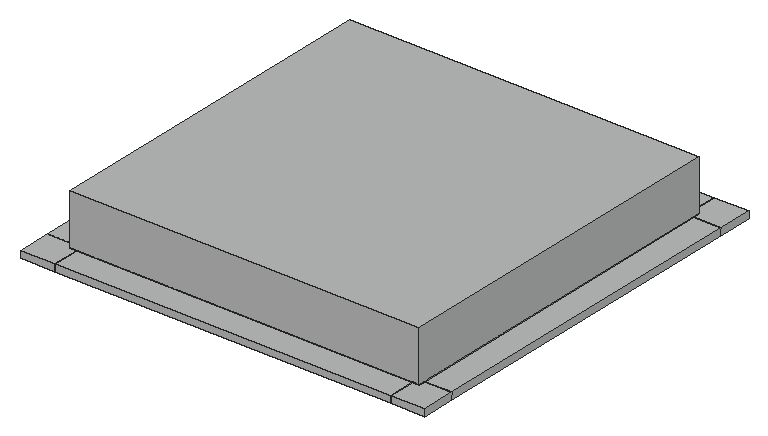
Revit family "ALUMOGIPS", category Осветительные приборы, Revit 2019 (continued)
Types (72, lengths in mm): name | Файл фотометрической сетки | built-in parameter 1150105 | Lumens | built-in parameter 1150106 | built-in parameter 1150142 | Wattage | Emit from Rectangle Width | Emit from Rectangle Length | Длина | Материал светильника | Ширина | ADSK_Ток | ADSK_Полная мощность | ADSK_Обозначение | ADSK_Номинальная мощность | ADSK_Наименование | ADSK_Масса | ADSK_Код изделия
  Alumogips-76/opal-sand 160х2305 (IP54, 4000К, белый) | "Светильник ALUMOGIPS-76 OPAL-SAND-(160x2300).IES" | 572.96 (stored number, unit not read) | 7200 lm | 5.7296 (stored number, unit not read) | "IESNA:LM-63-95\r\n[TEST] Протокол № 50-5\r\n[DATA]21.06.2016\r\n[MORE] \r\n[MANUFAC] ЗАО \"Центрстройсвет\"\r\n[LUMCAT]  Светильник ALUMOGIPS-76/OPAL-SAND-(160x2300)\r\n[LUMINAIRE]\r\n[LAMPCAT] Светодиоды\r\n[LAMP] Поток источника света (светодиодов) не известен\r\n[MORE] КСС приведена в абсолютных величинах кд\r\n[MORE] Вместо потока лампы, указан поток светильника.\r\nTILT=NONE\r\n1    7200 1.0 37 73 1 2 0.160 2.3 0.04\r\n1.0 1.0 76.6\r\n0.0 5.0 10.0 15.0 20.0 25.0 30.0 35.0 40.0 45.0 50.0 55.0 60.0 65.0 70.0 75.0 80.0 85.0 90.0 95.0 100.0 105.0 110.0 115.0 120.0 125.0 130.0 135.0 140.0 145.0 150.0 155.0 160.0 165.0 170.0 175.0 180.0\r\n0.0 5.0 10.0 15.0 20.0 25.0 30.0 35.0 40.0 45.0 50.0 55.0 60.0 65.0 70.0 75.0 80.0 85.0 90.0 95.0 100.0 105.0 110.0 115.0 120.0 125.0 130.0 135.0 140.0 145.0 150.0 155.0 160.0 165.0 170.0 175.0 180.0 185.0 190.0 195.0 200.0 205.0 210.0 215.0 220.0 225.0 230.0 235.0 240.0 245.0 250.0 255.0 260.0 265.0 270.0 275.0 280.0 285.0 290.0 295.0 300.0 305.0 310.0 315.0 320.0 325.0 330.0 335.0 340.0 345.0 350.0 355.0 360.0\r\n3405.6 3374.0 3369.6 3263.0 3188.3 3029.4 2777.5 2366.1 1845.1 1399.4 1065.5 805.3 609.9 450.2 323.1 240.5 163.0 73.4 7.8 0.0 0.0 0.0 0.0 0.0 0.0 0.0 0.0 0.0 0.0 0.0 0.0 0.0 0.0 0.0 0.0 0.0 0.0\r\n3405.6 3374.4 3379.9 3270.2 3198.2 3029.5 2790.9 2373.8 1854.9 1408.8 1072.8 809.5 619.4 453.6 327.0 242.6 164.9 74.0 8.4 0.0 0.0 0.0 0.0 0.0 0.0 0.0 0.0 0.0 0.0 0.0 0.0 0.0 0.0 0.0 0.0 0.0 0.0\r\n3405.6 3375.2 3384.5 3272.8 3199.0 3042.1 2776.0 2384.3 1886.5 1440.1 1094.4 832.2 628.9 457.0 331.8 247.4 169.1 74.3 8.8 0.0 0.0 0.0 0.0 0.0 0.0 0.0 0.0 0.0 0.0 0.0 0.0 0.0 0.0 0.0 0.0 0.0 0.0\r\n3405.6 3375.0 3385.9 3275.2 3180.8 3049.6 2793.5 2392.3 1915.8 1470.0 1127.9 857.8 642.3 462.7 335.0 254.7 174.5 74.9 9.2 0.0 0.0 0.0 0.0 0.0 0.0 0.0 0.0 0.0 0.0 0.0 0.0 0.0 0.0 0.0 0.0 0.0 0.0\r\n3405.6 3374.4 3376.0 3292.1 3177.6 3057.0 2812.9 2421.6 1960.5 1511.4 1168.9 901.6 665.7 470.6 339.0 258.2 176.2 78.1 9.6 0.0 0.0 0.0 0.0 0.0 0.0 0.0 0.0 0.0 0.0 0.0 0.0 0.0 0.0 0.0 0.0 0.0 0.0\r\n3405.6 3373.8 3358.9 3308.4 3174.1 3065.8 2824.7 2463.6 1997.6 1559.8 1217.5 938.4 690.8 482.6 342.3 252.9 177.1 79.1 10.0 0.0 0.0 0.0 0.0 0.0 0.0 0.0 0.0 0.0 0.0 0.0 0.0 0.0 0.0 0.0 0.0 0.0 0.0\r\n3405.6 3373.0 3345.2 3319.4 3197.2 3056.4 2836.9 2491.8 2046.7 1623.7 1269.0 987.0 723.9 501.1 345.5 251.9 178.8 81.4 10.7 0.0 0.0 0.0 0.0 0.0 0.0 0.0 0.0 0.0 0.0 0.0 0.0 0.0 0.0 0.0 0.0 0.0 0.0\r\n3405.6 3372.8 3343.6 3313.9 3208.1 3060.1 2841.4 2505.7 2088.6 1684.6 1324.2 1035.9 758.8 529.1 355.0 255.6 175.0 83.9 10.4 0.0 0.0 0.0 0.0 0.0 0.0 0.0 0.0 0.0 0.0 0.0 0.0 0.0 0.0 0.0 0.0 0.0 0.0\r\n3405.6 3375.3 3339.6 3304.4 3206.2 3085.6 2869.6 2552.3 2131.6 1731.3 1375.7 1080.9 800.2 556.1 372.5 257.7 168.0 87.1 10.7 0.0 0.0 0.0 0.0 0.0 0.0 0.0 0.0 0.0 0.0 0.0 0.0 0.0 0.0 0.0 0.0 0.0 0.0\r\n3405.6 3379.9 3338.3 3292.8 3199.2 3098.4 2883.0 2571.7 2179.2 1786.3 1435.5 1124.5 850.7 583.1 389.7 258.5 168.5 87.0 10.9 0.0 0.0 0.0 0.0 0.0 0.0 0.0 0.0 0.0 0.0 0.0 0.0 0.0 0.0 0.0 0.0 0.0 0.0\r\n3405.6 3384.6 3346.1 3286.5 3185.6 3081.2 2891.4 2590.2 2203.4 1830.5 1478.0 1169.5 878.2 609.2 406.7 266.0 166.9 86.8 10.1 0.0 0.0 0.0 0.0 0.0 0.0 0.0 0.0 0.0 0.0 0.0 0.0 0.0 0.0 0.0 0.0 0.0 0.0\r\n3405.6 3389.3 3362.5 3302.2 3211.6 3103.8 2908.8 2612.3 2251.7 1865.5 1519.4 1209.0 904.8 631.5 424.9 275.5 172.1 88.7 9.7 0.0 0.0 0.0 0.0 0.0 0.0 0.0 0.0 0.0 0.0 0.0 0.0 0.0 0.0 0.0 0.0 0.0 0.0\r\n3405.6 3394.3 3376.4 3293.5 3225.1 3102.4 2926.3 2644.9 2263.0 1896.0 1540.0 1225.2 919.2 646.4 442.6 292.2 179.1 88.4 9.9 0.0 0.0 0.0 0.0 0.0 0.0 0.0 0.0 0.0 0.0 0.0 0.0 0.0 0.0 0.0 0.0 0.0 0.0\r\n3405.6 3398.8 3384.9 3300.0 3226.2 3100.8 2928.0 2664.6 2289.0 1909.4 1550.4 1212.0 922.9 675.4 458.3 310.1 194.1 88.9 11.3 0.0 0.0 0.0 0.0 0.0 0.0 0.0 0.0 0.0 0.0 0.0 0.0 0.0 0.0 0.0 0.0 0.0 0.0\r\n3405.6 3403.8 3394.9 3300.1 3225.5 3082.0 2938.5 2679.7 2327.5 1917.2 1530.2 1177.9 905.7 682.8 470.6 323.4 215.2 95.6 9.9 0.0 0.0 0.0 0.0 0.0 0.0 0.0 0.0 0.0 0.0 0.0 0.0 0.0 0.0 0.0 0.0 0.0 0.0\r\n3405.6 3408.6 3386.4 3281.5 3213.7 3107.8 2945.4 2709.1 2357.5 1918.9 1499.2 1156.9 877.4 666.2 480.4 331.1 218.7 104.4 9.1 0.0 0.0 0.0 0.0 0.0 0.0 0.0 0.0 0.0 0.0 0.0 0.0 0.0 0.0 0.0 0.0 0.0 0.0\r\n3405.6 3410.6 3376.7 3285.0 3209.0 3098.5 2954.5 2719.8 2377.6 1921.2 1487.0 1128.4 854.9 640.0 464.7 329.7 219.2 105.6 11.0 0.0 0.0 0.0 0.0 0.0 0.0 0.0 0.0 0.0 0.0 0.0 0.0 0.0 0.0 0.0 0.0 0.0 0.0\r\n3405.6 3408.1 3366.0 3292.6 3209.8 3093.5 2949.2 2722.9 2395.0 1920.1 1488.3 1116.0 836.4 617.7 446.4 316.9 220.4 109.7 8.9 0.0 0.0 0.0 0.0 0.0 0.0 0.0 0.0 0.0 0.0 0.0 0.0 0.0 0.0 0.0 0.0 0.0 0.0\r\n3405.6 3402.7 3350.0 3304.7 3206.6 3058.9 2911.8 2690.5 2351.9 1903.0 1462.1 1104.8 832.1 611.9 438.5 311.8 216.6 107.1 8.8 0.0 0.0 0.0 0.0 0.0 0.0 0.0 0.0 0.0 0.0 0.0 0.0 0.0 0.0 0.0 0.0 0.0 0.0\r\n3405.6 3397.5 3348.8 3317.6 3208.2 3050.9 2880.6 2665.6 2330.9 1884.5 1458.1 1105.4 824.2 612.9 443.3 308.9 206.4 104.2 8.2 0.0 0.0 0.0 0.0 0.0 0.0 0.0 0.0 0.0 0.0 0.0 0.0 0.0 0.0 0.0 0.0 0.0 0.0\r\n3405.6 3393.4 3347.1 3314.7 3205.9 3062.3 2894.5 2664.4 2318.3 1892.3 1482.3 1121.5 836.2 626.4 450.4 309.2 202.6 99.9 7.6 0.0 0.0 0.0 0.0 0.0 0.0 0.0 0.0 0.0 0.0 0.0 0.0 0.0 0.0 0.0 0.0 0.0 0.0\r\n3405.6 3389.0 3353.8 3306.8 3191.0 3067.8 2890.7 2623.7 2273.8 1883.9 1482.8 1137.7 858.8 637.9 451.4 307.0 196.3 94.9 5.3 0.0 0.0 0.0 0.0 0.0 0.0 0.0 0.0 0.0 0.0 0.0 0.0 0.0 0.0 0.0 0.0 0.0 0.0\r\n3405.6 3385.8 3363.6 3284.5 3190.2 3052.2 2867.0 2603.7 2234.7 1868.2 1486.7 1153.6 873.6 630.9 431.5 292.6 192.4 88.6 3.7 0.0 0.1 0.0 0.0 0.0 0.0 0.0 0.0 0.0 0.0 0.0 0.0 0.0 0.0 0.0 0.0 0.0 0.0\r\n3405.6 3384.7 3368.2 3275.4 3191.3 3027.7 2848.8 2554.0 2194.9 1820.0 1488.1 1166.5 864.2 606.8 408.2 280.2 175.2 81.6 3.0 0.0 0.0 0.0 0.0 0.0 0.0 0.0 0.0 0.0 0.0 0.0 0.0 0.0 0.0 0.0 0.0 0.0 0.0\r\n3405.6 3384.8 3378.5 3286.4 3189.7 3022.3 2833.9 2516.5 2136.9 1793.4 1469.5 1158.8 841.3 573.2 384.8 263.2 159.9 79.3 2.3 0.0 0.0 0.0 0.0 0.0 0.0 0.0 0.0 0.0 0.0 0.0 0.0 0.0 0.0 0.0 0.0 0.0 0.0\r\n3405.6 3385.1 3380.7 3277.4 3186.3 3025.2 2795.8 2474.4 2098.7 1759.6 1435.7 1121.3 817.3 544.5 365.0 244.9 152.2 74.4 1.3 0.0 0.0 0.0 0.0 0.0 0.0 0.0 0.0 0.0 0.0 0.0 0.0 0.0 0.0 0.0 0.0 0.0 0.0\r\n3405.6 3385.7 3379.5 3270.4 3188.1 3012.0 2777.6 2434.0 2067.6 1704.2 1382.0 1070.1 786.0 522.6 351.5 231.7 152.4 65.6 0.6 0.0 0.0 0.0 0.0 0.0 0.0 0.0 0.0 0.0 0.0 0.0 0.0 0.0 0.0 0.0 0.0 0.0 0.0\r\n3405.6 3386.0 3376.9 3263.0 3160.9 3007.9 2751.4 2393.6 2021.0 1665.4 1317.2 1023.3 746.3 501.3 336.3 231.8 146.1 59.9 0.4 0.0 0.0 0.0 0.0 0.0 0.0 0.0 0.0 0.0 0.0 0.0 0.0 0.0 0.0 0.0 0.0 0.0 0.0\r\n3405.6 3384.9 3366.1 3253.7 3170.8 2993.7 2732.7 2368.9 1968.1 1602.0 1254.2 973.1 694.2 478.2 324.9 229.6 146.4 57.0 0.4 0.0 0.0 0.0 0.0 0.0 0.0 0.0 0.0 0.0 0.0 0.0 0.0 0.0 0.0 0.0 0.0 0.0 0.0\r\n3405.6 3382.6 3357.8 3257.4 3163.3 2994.3 2702.7 2336.5 1915.3 1530.9 1200.5 923.8 649.6 455.6 313.7 233.1 145.7 54.4 0.2 0.0 0.0 0.0 0.0 0.0 0.0 0.0 0.0 0.0 0.0 0.0 0.0 0.0 0.0 0.0 0.0 0.0 0.0\r\n3405.6 3380.7 3356.6 3258.4 3159.0 2982.6 2691.5 2294.1 1868.3 1466.2 1148.0 872.1 619.3 435.2 305.9 234.1 146.9 49.7 0.1 0.0 0.0 0.0 0.0 0.0 0.0 0.0 0.0 0.0 0.0 0.0 0.0 0.0 0.0 0.0 0.0 0.0 0.0\r\n3405.6 3380.2 3362.4 3257.2 3157.7 2959.7 2678.8 2269.4 1815.3 1403.1 1103.0 832.5 590.3 414.5 305.4 230.7 143.9 45.9 0.1 0.0 0.0 0.0 0.0 0.0 0.0 0.0 0.0 0.0 0.0 0.0 0.0 0.0 0.0 0.0 0.0 0.0 0.0\r\n3405.6 3380.5 3369.8 3257.8 3138.3 2951.0 2656.0 2239.6 1762.6 1363.8 1057.8 797.2 573.0 401.9 302.8 233.9 140.7 44.8 0.0 0.0 0.0 0.0 0.0 0.0 0.0 0.0 0.0 0.0 0.0 0.0 0.0 0.0 0.0 0.0 0.0 0.0 0.0\r\n3405.6 3379.5 3365.6 3260.4 3137.5 2949.1 2644.6 2207.8 1716.8 1327.0 1024.7 771.4 557.0 393.1 299.3 232.1 139.2 42.6 0.0 0.0 0.0 0.0 0.0 0.0 0.0 0.0 0.0 0.0 0.0 0.0 0.0 0.0 0.0 0.0 0.0 0.0 0.0\r\n3405.6 3376.0 3364.9 3251.5 3153.0 2948.3 2638.0 2188.2 1691.6 1292.8 994.4 750.2 551.7 390.4 295.1 229.1 137.2 41.5 0.0 0.0 0.0 0.0 0.0 0.0 0.0 0.0 0.0 0.0 0.0 0.0 0.0 0.0 0.0 0.0 0.0 0.0 0.0\r\n3405.6 3370.8 3357.6 3249.3 3149.7 2936.4 2617.0 2159.9 1666.8 1272.2 975.6 735.3 545.3 390.5 291.2 226.7 136.0 40.9 0.0 0.0 0.0 0.0 0.0 0.0 0.0 0.0 0.0 0.0 0.0 0.0 0.0 0.0 0.0 0.0 0.0 0.0 0.0\r\n3405.6 3367.3 3346.1 3241.8 3134.2 2934.5 2612.2 2158.6 1652.8 1266.3 962.9 724.9 539.6 390.2 293.3 227.8 135.2 40.4 0.0 0.0 0.0 0.0 0.0 0.0 0.0 0.0 0.0 0.0 0.0 0.0 0.0 0.0 0.0 0.0 0.0 0.0 0.0\r\n3405.6 3368.2 3337.0 3237.8 3138.6 2954.7 2622.9 2162.1 1655.6 1265.9 963.0 724.8 536.8 391.2 297.0 230.5 136.7 39.8 0.0 0.0 0.0 0.0 0.0 0.0 0.0 0.0 0.0 0.0 0.0 0.0 0.0 0.0 0.0 0.0 0.0 0.0 0.0\r\n3405.6 3372.2 3333.4 3246.8 3134.8 2934.1 2635.7 2167.6 1659.0 1285.6 977.2 727.6 536.3 392.1 302.7 235.0 140.3 39.7 0.0 0.0 0.0 0.0 0.0 0.0 0.0 0.0 0.0 0.0 0.0 0.0 0.0 0.0 0.0 0.0 0.0 0.0 0.0\r\n3405.6 3376.2 3321.9 3266.8 3125.0 2950.7 2642.3 2186.7 1691.6 1305.6 994.0 739.6 539.3 393.8 306.1 237.2 143.5 38.8 0.0 0.0 0.0 0.0 0.0 0.0 0.0 0.0 0.0 0.0 0.0 0.0 0.0 0.0 0.0 0.0 0.0 0.0 0.0\r\n3405.6 3379.4 3316.7 3264.5 3130.8 2944.5 2649.9 2215.4 1724.5 1336.3 1021.6 761.9 549.1 393.9 303.9 235.6 146.4 37.9 0.0 0.0 0.0 0.0 0.0 0.0 0.0 0.0 0.0 0.0 0.0 0.0 0.0 0.0 0.0 0.0 0.0 0.0 0.0\r\n3405.6 3383.0 3326.8 3246.1 3125.9 2947.4 2663.6 2233.9 1765.1 1371.0 1058.8 789.0 568.8 399.2 300.8 234.5 143.4 40.8 0.0 0.0 0.0 0.0 0.0 0.0 0.0 0.0 0.0 0.0 0.0 0.0 0.0 0.0 0.0 0.0 0.0 0.0 0.0\r\n3405.6 3386.5 3337.2 3241.5 3139.8 2952.5 2691.9 2271.1 1812.4 1412.5 1099.1 823.6 588.0 409.8 303.3 230.0 140.6 43.8 0.1 0.0 0.0 0.0 0.0 0.0 0.0 0.0 0.0 0.0 0.0 0.0 0.0 0.0 0.0 0.0 0.0 0.0 0.0\r\n3405.6 3388.5 3345.9 3222.1 3131.1 2960.1 2705.2 2312.9 1871.3 1466.1 1142.4 871.8 614.9 426.7 305.1 221.1 142.6 43.8 0.1 0.0 0.0 0.0 0.0 0.0 0.0 0.0 0.0 0.0 0.0 0.0 0.0 0.0 0.0 0.0 0.0 0.0 0.0\r\n3405.6 3389.0 3355.6 3233.4 3109.0 2966.0 2715.3 2353.2 1922.1 1520.6 1190.9 915.7 651.0 447.1 306.4 223.0 138.6 47.2 0.1 0.0 0.0 0.0 0.0 0.0 0.0 0.0 0.0 0.0 0.0 0.0 0.0 0.0 0.0 0.0 0.0 0.0 0.0\r\n3405.6 3389.3 3354.8 3251.9 3132.5 2965.2 2728.2 2393.1 1972.4 1582.9 1241.3 958.7 686.2 467.4 312.0 220.5 134.6 51.4 0.2 0.0 0.0 0.0 0.0 0.0 0.0 0.0 0.0 0.0 0.0 0.0 0.0 0.0 0.0 0.0 0.0 0.0 0.0\r\n3405.6 3389.4 3354.8 3266.4 3139.3 2973.1 2765.9 2430.8 2025.1 1635.6 1300.6 994.8 731.8 481.5 321.6 222.6 137.5 54.9 0.3 0.0 0.0 0.0 0.0 0.0 0.0 0.0 0.0 0.0 0.0 0.0 0.0 0.0 0.0 0.0 0.0 0.0 0.0\r\n3405.6 3388.8 3340.9 3260.4 3150.4 2987.7 2775.6 2458.4 2064.8 1696.3 1344.0 1038.6 756.8 499.3 332.2 230.0 143.6 58.5 0.4 0.0 0.0 0.0 0.0 0.0 0.0 0.0 0.0 0.0 0.0 0.0 0.0 0.0 0.0 0.0 0.0 0.0 0.0\r\n3405.6 3387.2 3322.6 3246.6 3126.8 2978.0 2792.4 2490.1 2122.6 1733.9 1378.4 1075.9 772.3 526.0 346.2 242.3 156.2 65.4 0.4 0.0 0.0 0.0 0.0 0.0 0.0 0.0 0.0 0.0 0.0 0.0 0.0 0.0 0.0 0.0 0.0 0.0 0.0\r\n3405.6 3383.9 3314.5 3234.8 3144.9 2988.4 2814.6 2529.8 2156.8 1772.6 1397.1 1083.5 790.8 540.3 368.4 260.2 167.1 74.2 0.8 0.0 0.0 0.0 0.0 0.0 0.0 0.0 0.0 0.0 0.0 0.0 0.0 0.0 0.0 0.0 0.0 0.0 0.0\r\n3405.6 3379.4 3310.9 3250.0 3156.3 3003.7 2817.4 2566.7 2194.6 1810.3 1409.3 1078.2 794.2 558.2 388.1 271.2 176.4 77.8 1.7 0.0 0.0 0.0 0.0 0.0 0.0 0.0 0.0 0.0 0.0 0.0 0.0 0.0 0.0 0.0 0.0 0.0 0.0\r\n3405.6 3375.3 3308.4 3270.0 3165.9 3011.6 2831.4 2587.5 2249.3 1834.2 1422.2 1057.9 777.0 567.9 398.1 276.8 185.1 81.8 2.2 0.0 0.0 0.0 0.0 0.0 0.0 0.0 0.0 0.0 0.0 0.0 0.0 0.0 0.0 0.0 0.0 0.0 0.0\r\n3405.6 3373.8 3313.7 3282.8 3148.7 3003.0 2850.3 2609.6 2283.3 1855.2 1420.9 1051.3 759.3 555.6 400.0 277.6 187.3 87.7 3.0 0.0 0.0 0.0 0.0 0.0 0.0 0.0 0.0 0.0 0.0 0.0 0.0 0.0 0.0 0.0 0.0 0.0 0.0\r\n3405.6 3375.3 3325.6 3277.7 3138.0 3009.7 2836.5 2602.2 2299.2 1863.9 1422.4 1034.9 741.8 546.2 395.1 275.0 184.8 89.1 3.7 0.0 0.0 0.0 0.0 0.0 0.0 0.0 0.0 0.0 0.0 0.0 0.0 0.0 0.0 0.0 0.0 0.0 0.0\r\n3405.6 3378.7 3333.0 3254.4 3140.4 3006.4 2816.0 2605.6 2308.4 1861.6 1416.4 1040.7 742.8 543.4 391.9 275.4 184.8 89.7 5.0 0.0 0.0 0.0 0.0 0.0 0.0 0.0 0.0 0.0 0.0 0.0 0.0 0.0 0.0 0.0 0.0 0.0 0.0\r\n3405.6 3381.8 3338.2 3252.6 3147.4 3018.7 2868.1 2644.9 2325.0 1884.7 1435.2 1041.6 753.1 552.0 396.6 279.4 191.2 93.5 7.2 0.0 0.0 0.0 0.0 0.0 0.0 0.0 0.0 0.0 0.0 0.0 0.0 0.0 0.0 0.0 0.0 0.0 0.0\r\n3405.6 3383.6 3341.0 3247.3 3160.9 3017.2 2875.2 2639.9 2319.2 1883.9 1448.4 1056.1 777.3 574.1 412.3 285.8 193.0 94.2 7.6 0.0 0.0 0.0 0.0 0.0 0.0 0.0 0.0 0.0 0.0 0.0 0.0 0.0 0.0 0.0 0.0 0.0 0.0\r\n3405.6 3385.6 3335.8 3252.4 3163.9 3026.7 2871.5 2623.0 2293.6 1872.2 1457.5 1078.2 800.0 592.4 417.5 285.6 189.6 89.8 8.5 0.0 0.0 0.0 0.0 0.0 0.0 0.0 0.0 0.0 0.0 0.0 0.0 0.0 0.0 0.0 0.0 0.0 0.0\r\n3405.6 3387.7 3330.1 3255.0 3151.5 3033.4 2858.5 2613.6 2262.7 1865.1 1462.5 1110.7 825.6 594.9 414.7 281.1 177.4 88.6 7.6 0.0 0.0 0.0 0.0 0.0 0.0 0.0 0.0 0.0 0.0 0.0 0.0 0.0 0.0 0.0 0.0 0.0 0.0\r\n3405.6 3388.5 3329.1 3265.5 3157.3 3037.6 2854.4 2610.4 2237.5 1847.7 1465.6 1129.5 840.9 593.9 397.0 267.4 172.4 85.2 7.3 0.0 0.0 0.0 0.0 0.0 0.0 0.0 0.0 0.0 0.0 0.0 0.0 0.0 0.0 0.0 0.0 0.0 0.0\r\n3405.6 3389.1 3323.8 3273.5 3158.4 3036.0 2845.8 2577.5 2210.5 1823.3 1444.2 1138.2 834.9 575.5 381.4 251.8 163.1 81.2 8.0 0.0 0.0 0.0 0.0 0.0 0.0 0.0 0.0 0.0 0.0 0.0 0.0 0.0 0.0 0.0 0.0 0.0 0.0\r\n3405.6 3389.2 3322.5 3281.9 3168.6 3032.2 2854.2 2564.0 2184.7 1793.3 1422.4 1119.0 826.7 559.9 366.4 247.8 153.3 78.0 7.8 0.0 0.0 0.0 0.0 0.0 0.0 0.0 0.0 0.0 0.0 0.0 0.0 0.0 0.0 0.0 0.0 0.0 0.0\r\n3405.6 3387.7 3319.8 3272.3 3157.1 3027.4 2839.9 2532.3 2158.3 1750.2 1392.4 1081.5 802.3 546.0 352.4 246.1 148.6 79.3 7.6 0.0 0.0 0.0 0.0 0.0 0.0 0.0 0.0 0.0 0.0 0.0 0.0 0.0 0.0 0.0 0.0 0.0 0.0\r\n3405.6 3384.8 3317.1 3274.3 3158.2 3032.9 2838.0 2521.5 2113.4 1696.6 1348.0 1045.7 770.8 522.2 349.8 236.5 152.8 76.4 7.8 0.0 0.0 0.0 0.0 0.0 0.0 0.0 0.0 0.0 0.0 0.0 0.0 0.0 0.0 0.0 0.0 0.0 0.0\r\n3405.6 3381.1 3321.0 3266.5 3167.4 3038.1 2831.5 2500.6 2076.3 1655.1 1303.1 1004.1 732.3 502.0 337.0 237.4 158.1 75.2 7.6 0.0 0.0 0.0 0.0 0.0 0.0 0.0 0.0 0.0 0.0 0.0 0.0 0.0 0.0 0.0 0.0 0.0 0.0\r\n3405.6 3377.7 3324.6 3277.8 3182.7 3030.1 2820.8 2478.2 2039.3 1602.2 1256.8 964.1 700.3 483.3 331.2 238.2 163.7 76.0 8.0 0.0 0.0 0.0 0.0 0.0 0.0 0.0 0.0 0.0 0.0 0.0 0.0 0.0 0.0 0.0 0.0 0.0 0.0\r\n3405.6 3375.5 3325.5 3283.5 3169.3 3022.5 2808.0 2454.8 2003.5 1553.8 1212.1 931.5 672.6 461.4 326.0 242.2 168.6 76.6 8.0 0.0 0.0 0.0 0.0 0.0 0.0 0.0 0.0 0.0 0.0 0.0 0.0 0.0 0.0 0.0 0.0 0.0 0.0\r\n3405.6 3374.9 3330.3 3288.1 3166.2 3028.8 2798.8 2423.7 1947.2 1509.3 1168.8 887.6 644.4 448.7 319.8 246.7 173.8 76.1 7.7 0.0 0.0 0.0 0.0 0.0 0.0 0.0 0.0 0.0 0.0 0.0 0.0 0.0 0.0 0.0 0.0 0.0 0.0\r\n3405.6 3375.8 3335.8 3292.2 3152.4 3030.8 2801.5 2407.5 1900.5 1466.9 1137.2 857.2 622.1 438.2 319.2 248.7 175.5 73.9 7.4 0.0 0.0 0.0 0.0 0.0 0.0 0.0 0.0 0.0 0.0 0.0 0.0 0.0 0.0 0.0 0.0 0.0 0.0\r\n3405.6 3377.0 3343.4 3285.9 3163.1 3043.0 2786.2 2383.5 1881.6 1436.0 1103.7 828.1 608.6 434.1 320.1 248.0 171.3 74.3 7.3 0.0 0.0 0.0 0.0 0.0 0.0 0.0 0.0 0.0 0.0 0.0 0.0 0.0 0.0 0.0 0.0 0.0 0.0\r\n3405.6 3376.7 3347.3 3271.5 3174.8 3037.8 2775.2 2372.1 1859.9 1414.7 1086.8 813.5 602.2 433.1 320.5 245.7 167.2 74.1 7.5 0.0 0.0 0.0 0.0 0.0 0.0 0.0 0.0 0.0 0.0 0.0 0.0 0.0 0.0 0.0 0.0 0.0 0.0\r\n3405.6 3375.1 3357.4 3255.8 3187.9 3040.3 2795.0 2366.4 1846.4 1401.0 1068.4 804.4 604.7 439.6 321.3 242.1 162.6 73.7 7.6 0.0 0.0 0.0 0.0 0.0 0.0 0.0 0.0 0.0 0.0 0.0 0.0 0.0 0.0 0.0 0.0 0.0 0.0\r\n3405.6 3374.0 3369.6 3263.0 3188.3 3029.4 2777.5 2366.1 1845.1 1399.4 1065.5 805.3 609.9 450.2 323.1 240.5 163.0 73.4 7.8 0.0 0.0 0.0 0.0 0.0 0.0 0.0 0.0 0.0 0.0 0.0 0.0 0.0 0.0 0.0 0.0 0.0 0.0\r\n" | 48.4712 W | 140 | 2285 | 2305 | RAL 9001 | 160 | 0.359168 A | 82.6087 VA | "Alumogips-76/opal-sand 160х2305 (IP54, 4000К, белый)" | 76 W 
    | "Встраиваемый светодиодный светильник Alumogips-76/opal-sand 160х2305 (IP54, 4000К, белый)" | 3 | "ЦБ000008088"
